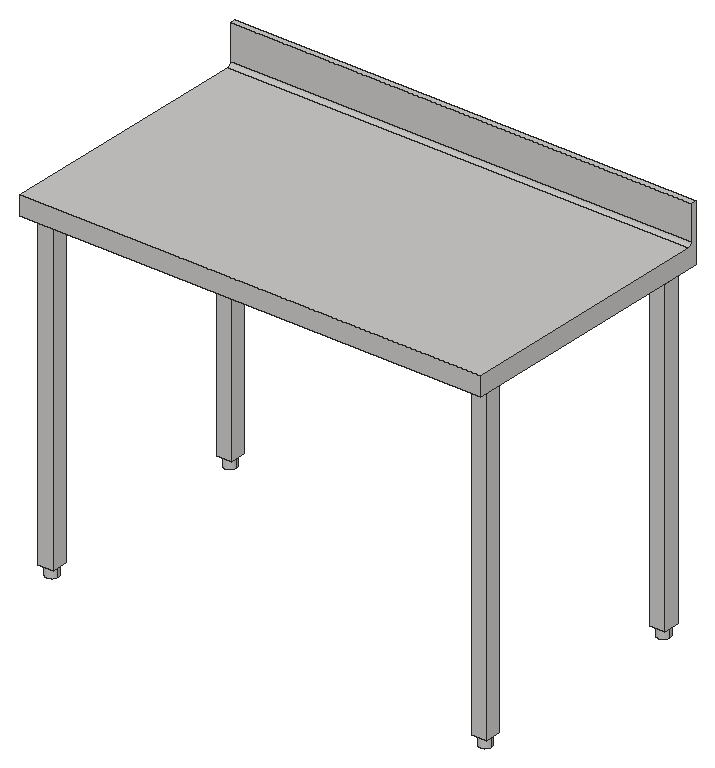
Revit family "QF_ELECTROLUXPROFESSIONAL_132846_WTD1217N", category Attrezzature speciali, Revit 2020
Family settings
  Quota connettore circolare = Usa diametro
  Tipo di parte = Normale
  Basato su piano di lavoro = No
  Sempre verticale = Sì
  Taglio con vuoti quando caricato = No
  Condiviso = No
  Punto di calcolo locali = No
Parameters (values of type "Standard")
  Weight = 43.00 kg
  Watts = 0 W
  Volts = 0 V
  URL Manufacturer = "https://www.electroluxprofessional.com/"
  URL = "https://www.electroluxprofessional.com/"
  Steam Supply Size = 0 mm
  Steam Supply Minimum Pressure = 0.0 Pa
  Steam Supply Maximum Pressure = 0.0 Pa
  Steam Consumption per Hour = 0
  Refrigeration Suction Line Size = 0.0 mm
  Refrigeration Liquid Line Size = 0.0 mm
  Refrigerant Compressor Remote = yes
  Prospetto di default = 0.0 mm
  Produttore = "Electrolux Professional"
  Phase = 0
  Modello = "WTD1217N"
  Length Actual = 1200.0 mm  # constant formula
  Item Number = "132846"
  Hot Water Size = 0 mm
  Height Actual = 900.0 mm  # constant formula
  HP = "0 HP"
  Gas Size = 0 mm
  Gas KW = 0
  Gas Input Pressure = 0 W
  Direct Waste Size = 0 mm
  Descrizione = "WORK TABLE+UPSTAND-DISASSEMBLED 1200MM"
  Depth Actual = 700.0 mm  # constant formula
  Cycle = 0 Hz
  Condensate Return Size = 0 mm
  Compressed Air Volume = 0.0 L/s
  Compressed Air Size = 0 mm
  Compressed Air Pressure = 0.0 Pa
  Cold Water Size = 0 mm
  Accessory = yes
Reference planes
  plane 1 "Center (Front/Back)": y = 0
  plane 2: z = 0
  plane 3 "Center (Left/Right)": x = -100
  plane 4 "LEFT": x = -700
  plane 5 "RIGHT": x = 500
  plane 6 "BACK": y = 350
  plane 7 "FRONT": y = -350
  plane 8 "Base": z = 850
  plane 9 "TOP": z = 900
  plane 10: x = -664.5
  plane 11: x = 464.5
  plane 12: y = 290
  plane 13: y = -290
Forms (mm)
  Extrusion 1, solid, material "QF_Finishes_Stainless Steel"
    sketch origin (-100, 0, 0) x (0, 1, 0) y (0, 0, 1)
      loop
        line (-350, 850) -> (350, 850) -> (350, 1000) -> (337, 1000) -> (337, 910)
        arc (337, 910) -> (334.071, 902.929) -> (327, 900) r 10
        line (327, 900) -> (-350, 900) -> (-350, 850)
    from 600 to -600
Lines and regions (mm)
  symbolic lines
    curve 1: line (500, 350, 900) -> (-700, 350, 900)
    curve 2: line (-700, 350, 900) -> (-700, -350, 900)
    curve 3: line (-700, -350, 900) -> (500, -350, 900)
    curve 4: line (500, -350, 900) -> (500, 350, 900)
    curve 5: line (500, 337, 900) -> (-700, 337, 900)
Dimensions and locks
  plane 4 "LEFT" to plane 5 "RIGHT" = 1200.0 mm
  equal spacing: plane 4 "LEFT", plane 3 "Center (Left/Right)", plane 5 "RIGHT"
  locked: plane 8 "Base" to level at 850
  plane 4 "LEFT" to plane 10 = 35.5 mm
  plane 11 to plane 5 "RIGHT" = 35.5 mm
  plane 10 to plane 11 = 1129.0 mm
  locked: Extrusion 1 to level at 1000
  plane 9 "TOP" to level = 900.0 mm
  plane 6 "BACK" to plane 12 = 60.0 mm
  plane 13 to plane 7 "FRONT" = 60.0 mm
  plane 6 "BACK" to plane 7 "FRONT" = 700.0 mm
  plane 12 to plane 13 = 580.0 mm
  equal spacing: plane 6 "BACK", plane 1 "Center (Front/Back)", plane 7 "FRONT"
  aligned and locked: level to plane 2
  aligned and locked: plane 10 to nested 1
  aligned and locked: nested 1 to plane 13
  aligned and locked: plane 11 to nested 2
  aligned and locked: nested 2 to plane 13
  aligned and locked: plane 11 to nested 4
  aligned and locked: nested 4 to plane 12
  aligned and locked: plane 10 to nested 3
  aligned and locked: nested 3 to plane 12
  aligned and locked: Extrusion 1 to plane 4 "LEFT"
  aligned and locked: plane 5 "RIGHT" to Extrusion 1
  aligned and locked: curve 2 to plane 4 "LEFT"
Automatic sketch dimensions
  Extrusion 1 sketch curve to plane 7 "FRONT" = 0.0 mm
  Extrusion 1 sketch curve to plane 9 "TOP" = 0.0 mm
  Extrusion 1 sketch curve to plane 6 "BACK" = 0.0 mm
  Extrusion 1 sketch curve to plane 8 "Base" = 0.0 mm
  plane 9 "TOP" to Extrusion 1 sketch curve = 10.0 mm
  Extrusion 1 sketch curve to plane 6 "BACK" = 13.0 mm
  Extrusion 1 sketch curve to Extrusion 1 sketch curve = 90.0 mm
  curve 3 to plane 7 "FRONT" = 0.0 mm
  curve 5 to plane 5 "RIGHT" = 0.0 mm
  curve 4 to plane 6 "BACK" = 0.0 mm
  curve 5 to plane 6 "BACK" = 13.0 mm
Nested families
  nested 1: "FEET_40x40" at (-664.5, -290, 0), type "FEET_40x40"
  nested 2: "FEET_40x40" at (464.5, -290, 0), type "FEET_40x40"
  nested 3: "FEET_40x40" at (-664.5, 290, 0), type "FEET_40x40"
  nested 4: "FEET_40x40" at (464.5, 290, 0), type "FEET_40x40"
Definition of nested family "FEET_40x40"
  Parameters
    Default Elevation = 0.0 mm
    FEET = 850.0 mm
  Reference planes
    plane 1 "Center (Front/Back)": y = 0
    plane 2: z = 0
    plane 3 "Center (Left/Right)": x = 0
    plane 4: z = 850
  Forms (mm)
    Extrusion 1, solid
      sketch origin (0, 0, 0) x (1, 0, 0) y (0, 1, 0)
        loop
          line (-20, -20) -> (20, -20) -> (20, 20) -> (-20, 20) -> (-20, -20)
      from 25 to 845
    Extrusion 2, solid
      sketch origin (0, 0, 0) x (1, 0, 0) y (0, 1, 0)
        loop
          circle (0, 0) r 16
      from 0 to 25
    Extrusion 3, solid
      sketch origin (0, 0, 0) x (1, 0, 0) y (0, 1, 0)
        loop
          line (30, 30) -> (-30, 30) -> (-30, -30) -> (30, -30) -> (30, 30)
      from 845 to 850
  Lines and regions (mm)
    symbolic lines
      curve 1: line (0, -1.503, 0) -> (0, 1.508, 0)
      curve 2: line (1.561, 0, 0) -> (-1.439, 0, 0)
  Dimensions and locks
    "FEET": plane 4 to plane 2
    aligned and locked: level to plane 2
  Automatic sketch dimensions
    Extrusion 1 sketch curve to plane 3 "Center (Left/Right)" = 20.0 mm
    plane 3 "Center (Left/Right)" to Extrusion 1 sketch curve = 20.0 mm
    plane 1 "Center (Front/Back)" to Extrusion 1 sketch curve = 20.0 mm
    Extrusion 1 sketch curve to plane 1 "Center (Front/Back)" = 20.0 mm
    plane 1 "Center (Front/Back)" to Extrusion 2 sketch curve = 0.0 mm
    Extrusion 2 sketch curve to plane 3 "Center (Left/Right)" = 0.0 mm
    plane 3 "Center (Left/Right)" to Extrusion 3 sketch curve = 30.0 mm
    Extrusion 3 sketch curve to plane 1 "Center (Front/Back)" = 30.0 mm
    Extrusion 3 sketch curve to plane 3 "Center (Left/Right)" = 30.0 mm
    plane 1 "Center (Front/Back)" to Extrusion 3 sketch curve = 30.0 mm
    plane 1 "Center (Front/Back)" to curve 2 = 0.0 mm
    curve 1 to plane 3 "Center (Left/Right)" = 0.0 mm
    curve 2 to plane 3 "Center (Left/Right)" = 1.439 mm
    plane 3 "Center (Left/Right)" to curve 2 = 1.561 mm
    plane 1 "Center (Front/Back)" to curve 1 = 1.503 mm
    curve 1 to plane 1 "Center (Front/Back)" = 1.508 mm
    radius of Extrusion 2 sketch curve = 16.0 mm
